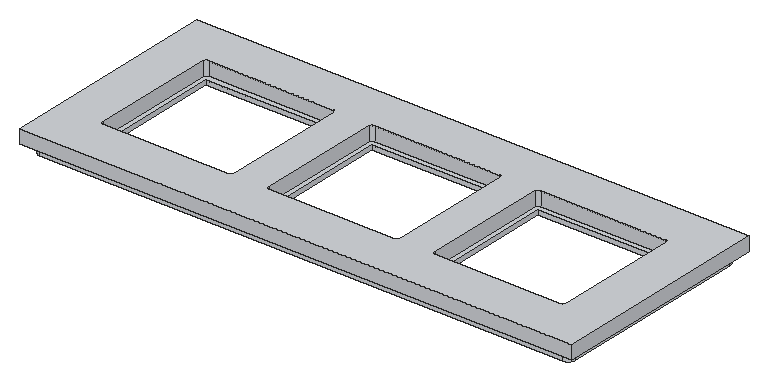
Revit family "Gira_0213217", category Electrical Fixtures, host Face, Revit 2017
Family settings
  Host = Face
  Maintain Annotation Orientation = No
  Round Connector Dimension = Use Diameter
  Part Type = Normal
  Cut with Voids When Loaded = No
  Shared = No
  Room Calculation Point = No
Parameters (values of type "Cov.fr. 3-g Gira Esprit alum.light gold")
  With mounting grid = "No"
  With hinged lid = "No"
  URL = "http://katalog.gira.de/en/datenblatt.html?artikelnr=0213217"
  Type of fastening = "Clamp mounting"
  Transparent = "No"
  Surface protection = "Other"
  Suitable for wall duct = "No"
  Suitable for flush-mounted installation = "Yes"
  Suitable for floor box = "No"
  Suitable for built-in installation = "No"
  Number of units vertical = "3"
  Number of units horizontal = "3"
  Number of units = "3"
  Name = "Cov.fr. 3-g Gira Esprit alum.light gold"
  Mounting direction = "Horizontal and vertical"
  Material quality = "Aluminium"
  Material = "Metal"
  Manufacturer URL = "https://www.gira.de/"
  Manufacturer = "Gira"
  Label space/information surface = "No"
  Keynote = ""
  HeinzeBIM = "https://bimportal.heinze.de/bim/cov-fr-3-g-gira-esprit-alum-light-gold/9628d10ae63175e390e9194b0bf41869c00918e5"
  Halogen free = "No"
  HAN = "0213217"
  GTIN = "4010337015734"
  Description = "Cov.fr.3g Espr. AlGd,Gira Esprit cover frame,aluminium light gold,3-gang,Features:,- Anodised aluminium EV 2. Colour deviations are possible."
  Degree of protection (IP) = "IP20"
  Default Elevation = 1219.2 mm
  Data sheet (1) = "https://katalog.gira.de/en/download.html?artikelnr=0213217"
  Colour = "Aluminium"
  Category = "Cover frame for domestic switching devices"
  BIM (1) = "https://media.stage.bim.site/public/gira/36a6b08/Espr._Rahmen_3fach.rfa"
  Available = "No"
Reference planes
  plane 1 "Center (Front/Back)": y = 0
  plane 2: z = 0
  plane 3 "Center (Left/Right)": x = 0
Forms (mm)
  Extrusion 1, solid, detail levels fine
    sketch origin (0, 0, 0) x (1, 0, 0) y (0, 1, 0)
      loop
        line (-118.4, 47.5) -> (-118.4, -47.5) -> (118.4, -47.5) -> (118.4, 47.5) -> (-118.4, 47.5)
      loop
        arc (-99.5, -26.7) -> (-99.061, -27.761) -> (-98, -28.2) r 1.5
        line (-98, -28.2) -> (-44.6, -28.2)
        arc (-44.6, -28.2) -> (-43.539, -27.761) -> (-43.1, -26.7) r 1.5
        line (-43.1, -26.7) -> (-43.1, 26.7)
        arc (-43.1, 26.7) -> (-43.539, 27.761) -> (-44.6, 28.2) r 1.5
        line (-44.6, 28.2) -> (-98, 28.2)
        arc (-98, 28.2) -> (-99.061, 27.761) -> (-99.5, 26.7) r 1.5
        line (-99.5, 26.7) -> (-99.5, -26.7)
      loop
        arc (-28.2, -26.7) -> (-27.761, -27.761) -> (-26.7, -28.2) r 1.5
        line (-26.7, -28.2) -> (26.7, -28.2)
        arc (26.7, -28.2) -> (27.761, -27.761) -> (28.2, -26.7) r 1.5
        line (28.2, -26.7) -> (28.2, 26.7)
        arc (28.2, 26.7) -> (27.761, 27.761) -> (26.7, 28.2) r 1.5
        line (26.7, 28.2) -> (-26.7, 28.2)
        arc (-26.7, 28.2) -> (-27.761, 27.761) -> (-28.2, 26.7) r 1.5
        line (-28.2, 26.7) -> (-28.2, -26.7)
      loop
        arc (43.1, -26.7) -> (43.539, -27.761) -> (44.6, -28.2) r 1.5
        line (44.6, -28.2) -> (98, -28.2)
        arc (98, -28.2) -> (99.061, -27.761) -> (99.5, -26.7) r 1.5
        line (99.5, -26.7) -> (99.5, 26.7)
        arc (99.5, 26.7) -> (99.061, 27.761) -> (98, 28.2) r 1.5
        line (98, 28.2) -> (44.6, 28.2)
        arc (44.6, 28.2) -> (43.539, 27.761) -> (43.1, 26.7) r 1.5
        line (43.1, 26.7) -> (43.1, -26.7)
    from 0 to 6
  Extrusion 2, solid, detail levels fine
    sketch origin (0, 0, 0) x (1, 0, 0) y (0, 1, 0)
      loop
        line (-97.2, -25.7) -> (-45.4, -25.7) -> (-45.4, 25.7) -> (-97.2, 25.7) -> (-97.2, -25.7)
      loop
        line (97.2, 25.7) -> (45.4, 25.7) -> (45.4, -25.7) -> (97.2, -25.7) -> (97.2, 25.7)
      loop
        arc (-114.002, -41.3) -> (-113.474, -42.573) -> (-112.202, -43.1) r 1.8
        line (-112.202, -43.1) -> (112.202, -43.1)
        arc (112.202, -43.1) -> (113.474, -42.573) -> (114.002, -41.3) r 1.8
        line (114.002, -41.3) -> (114.002, 41.3)
        arc (114.002, 41.3) -> (113.474, 42.573) -> (112.202, 43.1) r 1.8
        line (112.202, 43.1) -> (-112.202, 43.1)
        arc (-112.202, 43.1) -> (-113.474, 42.573) -> (-114.002, 41.3) r 1.8
        line (-114.002, 41.3) -> (-114.002, -41.3)
      loop
        line (25.9, 25.7) -> (-25.9, 25.7) -> (-25.9, -25.7) -> (25.9, -25.7) -> (25.9, 25.7)
    from -1.9 to 0
  Extrusion 3, solid, detail levels fine
    sketch origin (0, 0, 0) x (1, 0, 0) y (0, 1, 0)
      loop
        arc (-112.3, 44.4) -> (-114.421, 43.521) -> (-115.3, 41.4) r 3
        line (-115.3, 41.4) -> (-115.3, -41.4)
        arc (-115.3, -41.4) -> (-114.421, -43.521) -> (-112.3, -44.4) r 3
        line (-112.3, -44.4) -> (112.3, -44.4)
        arc (112.3, -44.4) -> (114.421, -43.521) -> (115.3, -41.4) r 3
        line (115.3, -41.4) -> (115.3, 41.4)
        arc (115.3, 41.4) -> (114.421, 43.521) -> (112.3, 44.4) r 3
        line (112.3, 44.4) -> (-112.3, 44.4)
      loop
        arc (-114.1, -41.4) -> (-113.573, -42.673) -> (-112.3, -43.2) r 1.8
        line (-112.3, -43.2) -> (112.3, -43.2)
        arc (112.3, -43.2) -> (113.573, -42.673) -> (114.1, -41.4) r 1.8
        line (114.1, -41.4) -> (114.1, 41.4)
        arc (114.1, 41.4) -> (113.573, 42.673) -> (112.3, 43.2) r 1.8
        line (112.3, 43.2) -> (-112.3, 43.2)
        arc (-112.3, 43.2) -> (-113.573, 42.673) -> (-114.1, 41.4) r 1.8
        line (-114.1, 41.4) -> (-114.1, -41.4)
    from -3.7 to 0
  Extrusion 4, solid, detail levels medium
    sketch origin (0, 0, 0) x (1, 0, 0) y (0, 1, 0)
      loop
        line (-118.4, 47.5) -> (-118.4, -47.5) -> (118.4, -47.5) -> (118.4, 47.5) -> (-118.4, 47.5)
    from 0 to 6
  Extrusion 5, solid, detail levels medium
    sketch origin (0, 0, 0) x (1, 0, 0) y (0, 1, 0)
      loop
        line (-115.3, 44.4) -> (-115.3, -44.4) -> (115.3, -44.4) -> (115.3, 44.4) -> (-115.3, 44.4)
    from -3.7 to 0
  Extrusion 6, solid, detail levels coarse
    sketch origin (0, 0, 0) x (1, 0, 0) y (0, 1, 0)
      loop
        line (-118.4, 47.5) -> (-118.4, -47.5) -> (118.4, -47.5) -> (118.4, 47.5) -> (-118.4, 47.5)
    from -3.7 to 6
Dimensions and locks
  aligned and locked: plane 2 to host face
  aligned and locked: level to host face
